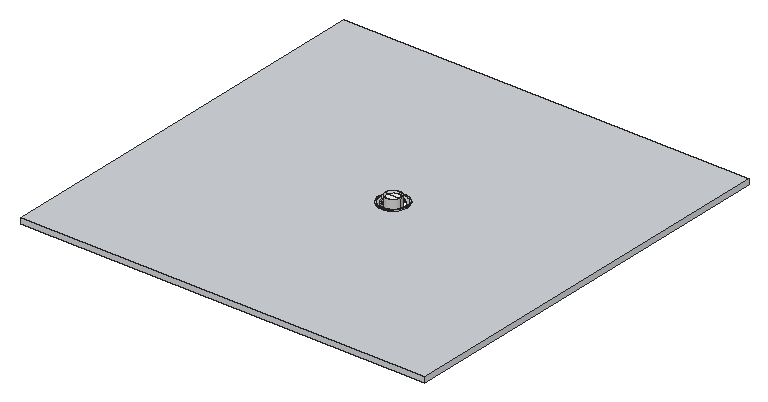
Revit family "Zumtobel VIVO II S - Recessed", category Lighting Fixtures, host Face, Revit 2016
Family settings
  Host = Face
  Part Type = Normal
  Round Connector Dimension = Use Diameter
  OmniClass Number = 23.80.70.11
  OmniClass Title = Luminaries for Internal Lighting
  Cut with Voids When Loaded = No
  Light Source = No
  Shared = No
  Room Calculation Point = No
Parameters (values of type "VIV2-R S 1700-930 SWI FL WH WH")
  Width = 75 mm  # constant formula
  Wattage Comments = ""
  Voltage = 230 V
  URL = "http://www.zumtobel.com/60715515"
  Type Comments = "© Zumtobel. We reserve the right to make technical changes without prior notice."  # constant formula
  Model = "60715515"
  Manufacturer = "Zumtobel Lighting"  # constant formula
  Length = 75 mm  # constant formula
  Lamp = "LED"
  Height = 66 mm  # constant formula
  Emit Shape Visible in Rendering = no
  Description = "Recessed swivelling spotlight"  # constant formula
  Default Elevation = 0 mm
  Body [instance] = Zumtobel_Metal_Aluminium
  Assembly Code = "D5020200"
  Apparent Load = 20 VA
  Angle [instance] = 90.00°
Reference planes
  plane 1 "Center (Front/Back)": y = 0
  plane 2 "Top": z = 0
  plane 3 "Center (Left/Right)": x = -735.5
  plane 4 "Power": z = -38.997
  plane 5: z = 0
  plane 6: x = -779.055
  plane 7: z = -14.82
Forms (mm)
  Extrusion 1, solid
    sketch origin (0, 0, 0) x (1, 0, 0) y (0, 1, 0)
      loop
        line (-1779.055, 1000) -> (-1779.055, -1000) -> (220.945, -1000) -> (220.945, 1000) -> (-1779.055, 1000)
    from 0 to -25
  Extrusion 2, void
    sketch origin (0, 0, 0) x (1, 0, 0) y (0, 1, 0)
      loop
        circle (-735.5, 0) r 65
    from -75 to 0
  Revolve 3, solid, material "Zumtobel_Metal_Aluminium" <- "Body"
    sketch origin (0, 0, 0) x (1, 0, 0) y (0, 0, 1)
      loop
        line (-806.285, 2.5) -> (-806.285, 0) -> (-800.391, 0) -> (-800.391, -13.218) -> (-799.065, -13.218) -> (-799.065, -9.788) -> (-790.139, -9.788) -> (-790.139, -4.362) -> (-800.173, 2.5) -> (-806.285, 2.5)
      axis (-735.5, 2.5) -> (-735.5, -13.218)
    angle from 0 to 360
  Extrusion 4, solid, material "Zumtobel_Metal_Aluminium" <- "Body"
    sketch origin (0, 0, 0) x (1, 0, 0) y (0, 0, 1)
      loop
        line (-799.065, -66) -> (-796.046, -66) -> (-796.046, -9.788) -> (-799.065, -9.788) -> (-799.065, -66)
      loop
        line (-671.935, -66) -> (-671.935, -9.788) -> (-674.954, -9.788) -> (-674.954, -66) -> (-671.935, -66)
    from 13 to -13
  Extrusion 5, solid, material "Zumtobel_Metal_Aluminium" <- "Body"
    sketch origin (0, 0, 0) x (1, 0, 0) y (0, 0, 1)
      loop
        line (-792.496, -9.788) -> (-792.496, -19.853) -> (-781.938, -19.853)
        arc (-781.938, -19.853) -> (-784.855, -14.82) -> (-781.938, -9.788) r 5.8
        line (-781.938, -9.788) -> (-792.496, -9.788)
      loop
        circle (-779.055, -14.82) r 5.032
    from -9 to 9
Dimensions and locks
  aligned and locked: plane 2 "Top" to Extrusion 1
  aligned and locked: level to Extrusion 1
  aligned: plane 2 "Top" to Extrusion 2
  aligned and locked: Extrusion 2 to plane 5
  aligned and locked: level to Extrusion 2
Nested families
  nested 1: "Zumtobel VIVO-II S Recessed Body" at (-974.685, 200, -14.82) x (0, 1, 0) z (0, 0, -1), Angle <- "Angle", Body <- "Body", type "VIV2-R S 1700-930 SWI FL WH WH"
    with Body Zumtobel_Metal_Aluminium, Angle 90.00°
Connectors
  electrical at (-735.5, 0, -38.997), driven by "Voltage", driven by "Apparent Load"
    settings: index 1, voltage 230 V, apparent load 20 VA, apparent load phase1 0 VA, apparent load phase2 0 VA, apparent load phase3 0 VA, power factor 1, load classification "Lighting", number of poles 1, system type 30, power factor state 1, is connector primary yes, connector utility no, sub classification motor no, connector description "Power"
Definition of nested family "Zumtobel VIVO-II S Recessed Body"
  Parameters (values of type "VIVO-S Q150 1/90W QT12")
    Wattage = 7.97081 W
    built-in parameter 1150110 = 1 (stored number, unit not read)
    URL = ""
    built-in parameter 1114217 = 1 (stored number, unit not read)
    Tilt Angle = 60.00°
    built-in parameter 1150109 = 1 (stored number, unit not read)
    built-in parameter 1150134 = (empty or 0)
    built-in parameter 1150113 = 1 (stored number, unit not read)
    Photometric Web File = "ST6000.IES"
    Model = ""
    Manufacturer = "Zumtobel Lighting"  # constant formula
    built-in parameter 1150105 = 2903 (stored number, unit not read)
    Lumens = 1184 lm
    built-in parameter 1150115 = 1 (stored number, unit not read)
    built-in parameter 1150137 = (empty or 0)
    built-in parameter 1150139 = (empty or 0)
    built-in parameter 1150112 = 1 (stored number, unit not read)
    built-in parameter 1150114 = 1 (stored number, unit not read)
    Lamp = ""
    built-in parameter 1150132 = 2
    built-in parameter 1150102 = (empty or 0)
    built-in parameter 1150107 = 3000 (stored number, unit not read)
    built-in parameter 1150138 = (empty or 0)
    built-in parameter 1150106 = 29.03 (stored number, unit not read)
    built-in parameter 1150104 = 13.8 (stored number, unit not read)
    Dimming Lamp Color Temperature Shift = (empty or 0)
    Description = "Zumtobel VIVO L Body"  # constant formula
    Default Elevation = 0 mm
    Color Filter = 16777215
    Body [instance] = none
    built-in parameter 1114218 = 1 (stored number, unit not read)
    built-in parameter 1150133 = 10 (stored number, unit not read)
    Assembly Code = ""
    Apparent Load = 0 VA
    Angle [instance] = 90.00°
  Types (4, lengths in mm): name | Wattage | Photometric Web File | built-in parameter 1150105 | Lumens | built-in parameter 1150106
    VIVO-S Q150 1/90W QT12 | 7.97081 W | "ST6000.IES" | 2903 (stored number, unit not read) | 1184 lm | 29.03 (stored number, unit not read)
    VIVO-S D150 1/90W QT12 | 7.97081 W | "ST5997.IES" | 2903 (stored number, unit not read) | 1184 lm | 29.03 (stored number, unit not read)
    VIVO-S Q150 1/70W HIT | 30.4358 W | "ST5940.IES" | 359.77 (stored number, unit not read) | 4521 lm | 3.5977 (stored number, unit not read)
    VIVO-S D150 1/70W HIT | 30.4358 W | "ST5931.IES" | 11085 (stored number, unit not read) | 4521 lm | 110.85 (stored number, unit not read)
  Reference planes
    plane 1 "Top": z = 0
    plane 2 "Center (Left/Right)": x = -200
    plane 3: y = -199.38
  Forms (mm)
    Revolve 1, solid, material <- "Body"
      sketch origin (-200, -239.394, -4.375) x (0, 0, -1) y (0, 1, 0)
        loop
          line (-28.551, -37.315) -> (40.187, -37.315) -> (40.187, -35.319) -> (35.577, -30.709) -> (35.577, 0.089) -> (-28.551, 0.089) -> (-28.551, -37.315)
        axis (40.187, 0.089) -> (-28.551, 0.089)
      angle from 0 to 360
  Lines and regions (mm)
    reference lines
      curve 1: line (-200, -197.69, 3.625) -> (-200, -197.69, -46.375)
      curve 2: line (-200, -195.755, -1.69) -> (-200, -218.413, 8.875)
      curve 3: line (-200, -239.394, -4.375) -> (-200, -239.394, -44.616)
      curve 4: line (-200, -239.394, -44.616) -> (-200, -214.394, -44.616)
  Dimensions and locks
    "Angle": angle curve 1 to plane 1 "Top"
    aligned and locked: level to plane 1 "Top"
    aligned and locked: imposter light to curve 4  (x2)
  Automatic sketch dimensions
    plane 3 to curve 1 = 1.69 mm
    level to curve 1 = 3.625 mm
    curve 1 to curve 2 = 4 mm  (x2)
    curve 2 to curve 1 = 21 mm
    curve 1 to curve 3 = 8 mm
    curve 3 to curve 1 = 41.704 mm
    curve 3 to curve 1 = 1.758 mm
    curve 3 to curve 4 = 0 mm
    curve 4 to curve 3 = 0 mm
    curve 3 to curve 4 = 25 mm
    Revolve 1 sketch curve to curve 3 = 28.551 mm
    Revolve 1 sketch curve to curve 3 = 0.089 mm  (x2)
    Revolve 1 sketch curve to curve 3 = 4.665 mm
    Revolve 1 sketch curve to curve 3 = 0.054 mm
    Revolve 1 sketch curve to curve 3 = 30.709 mm
    Revolve 1 sketch curve to curve 3 = 35.319 mm
    Revolve 1 sketch curve to curve 3 = 37.315 mm
    Revolve 1 sketch curve to Revolve 1 sketch curve = 16 mm
    Revolve 1 sketch curve to Revolve 1 sketch curve = 22 mm
